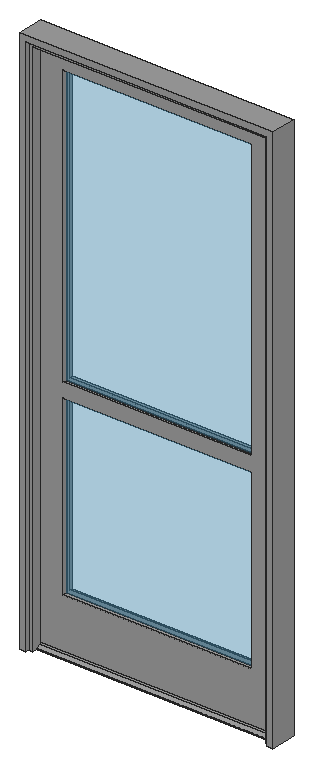
Revit family "RD-MS-DOOR-PD-1-CW_v05", category Curtain Panels, Revit 2015
Parameters
  Width [instance] = 3' - 2"
  URL = "obe.com"
  Rough Width = 3' - 8"
  Panel Width [instance] = [Min-Max Rough Width]  # 3' - 8"
  Panel Offset [instance] = 0' - 0"
  Offset [instance] = 0' - 1"
  Model = "RD-MS 1\" Infill"
  Min-Max Rough Width [instance] = if(and((Rough Width > 3' 1 255/256"), (Rough Width < 3' 8 1/256")), Rough Width, 3' 2")  # 3' - 8"
  Min-Max Panel Width [instance] = if(and((Rough Width > 3' 1 255/256"), (Rough Width < 3' 8 1/256")), Rough Width - 0' 2", 3' 0")  # 3' - 6"
  Manufacturer = "Oldcastle BuildingEnvelope®"
  Keynote = "08 11 00"
  Height [instance] = 8' - 0"
  Pushbar Height [instance] = 3' - 5 1/4"  # constant formula
  Glass Material = Glass
  Frame Material = Aluminum
  Door Panel Height [instance] = Height - 0' 0 15/32"  # 7' - 11 17/32"
  Description = "Rugged Door-Medium Stile 1\" Infill"
  Assembly Code = "B2030"
  Analytic Construction = "<None>"
  8 Muntin [instance] = no
  Mid-Panel [instance] = no
  10 Bottom Rail [instance] = not([8 Bottom Rail])  # no
  4 Muntin [instance] = no
  8 Bottom Rail [instance] = yes
  1 Muntin [instance] = if(or([4 Muntin], [8 Muntin], [Mid-Panel]), 1 = 2, 1 = 1)  # yes
Reference planes (in)
  plane 1 "Front": y = 0
  plane 2: z = 0
  plane 3 "Center (Left/Right)": x = 0
  plane 4 "Left": x = -19
  plane 5 "Right": x = 19
  plane 6 "Top": z = 96
  plane 7 "Offset": y = -1
  plane 8: y = -2.133
  plane 9: y = -2.133
  plane 10: y = -2.133
  plane 11: x = -22
  plane 12: x = 22
Forms (in)
  Sweep 1, solid, material "Aluminum" <- "Frame Material"
    path origin (0, -1, 0) x (-1, 0, 0) y (0, 0, 1)
      loop
        line (22, 0) -> (22, 96)
    profile origin (-22, -1, 48) x (1, 0, 0) y (0, 1, 0)
      loop
        line (1, -2.266) -> (1, 0) -> (0, 0) -> (0, -4.5) -> (1, -4.5) -> (1, -3.891) -> (1.75, -3.891) -> (1.75, -2.266) -> (1, -2.266)
  Sweep 2, solid, material "Aluminum" <- "Frame Material"
    path origin (0, -1, 0) x (-1, 0, 0) y (0, 0, 1)
      loop
        line (-22, 0) -> (-22, 96)
    profile origin (22, -1, 48) x (1, 0, 0) y (0, 1, 0)
      loop
        line (-1, -2.266) -> (-1.75, -2.266) -> (-1.75, -3.891) -> (-1, -3.891) -> (-1, -4.5) -> (0, -4.5) -> (0, 0) -> (-1, 0) -> (-1, -2.266)
  Extrusion 3, solid, material "Aluminum" <- "Frame Material"
    sketch origin (-19, 0, 0) x (0, -1, 0) y (0, 0, 1)
      loop
        line (3.266, 94.25) -> (4.891, 94.25) -> (4.891, 95) -> (5.5, 95) -> (5.5, 96) -> (1, 96) -> (1, 95) -> (3.266, 95) -> (3.266, 94.25)
    from -41 to 3
Cuts and joins
  joined: Sweep 1, Sweep 2, Extrusion 3
Text (in)
  text "Exterior" at (-54.29358, 31.38743, 0), in view "Ref. Level"
  text "Exterior" at (480, 41.53993, 89.60405), in view "Right"
  text "Exterior" at (-240, 57.82419, 105.78864), in view "Left"
Dimensions and locks (in)
  equal spacing: plane 4 "Left", plane 3 "Center (Left/Right)", plane 5 "Right"
  "Width": plane 4 "Left" to plane 5 "Right"
  "Height": plane 6 "Top" to plane 2
  "Offset": plane 1 "Front" to plane 7 "Offset"
  locked: plane 7 "Offset" to plane 8 at 1.133
  locked: plane 7 "Offset" to plane 9 at 1.133
  Extrusion 3 sketch curve to Extrusion 3 sketch curve to Extrusion 3 sketch curve = 0' - 0 3/4" locked, 0' - 0" locked
  nested 1 to Extrusion 3 sketch curve to Extrusion 3 sketch curve to Extrusion 3 sketch curve to Extrusion 3 sketch curve = 0' - 3.492", 0' - 2.266", 0' - 1 5/8" locked, 0' - 0.609" locked
  locked: plane 7 "Offset" to plane 10 at 1.133
  equal spacing: plane 11, plane 3 "Center (Left/Right)", plane 12
  "Min-Max Rough Width": plane 11 to plane 12
  aligned and locked: level to plane 2
  aligned and locked: plane 3 "Center (Left/Right)" to nested 1
  aligned and locked: plane 6 "Top" to Sweep 1 sketch curve
  aligned and locked: level to Sweep 1 sketch curve
  aligned and locked: plane 6 "Top" to Sweep 2 sketch curve
  aligned and locked: level to Sweep 2 sketch curve
  aligned and locked: Extrusion 3 to plane 6 "Top"
  aligned and locked: Extrusion 3 sketch curve to plane 6 "Top"
  aligned and locked: Sweep 1 sketch curve to plane 11
  aligned and locked: Sweep 2 sketch curve to plane 12
  aligned and locked: cut or joined group of Sweep 1, Sweep 2, Extrusion 3 to plane 11
  aligned and locked: plane 12 to cut or joined group of Sweep 1, Sweep 2, Extrusion 3
  aligned and locked: nested 1 to plane 8
Automatic sketch dimensions
  Sweep 1 sketch curve to profile plane = 0' - 0"
  Sweep 1 sketch curve to plane 7 "Offset" = 0' - 0"
  Sweep 1 sketch curve to profile plane = 0' - 1"  (x2)
  Sweep 1 sketch curve to Sweep 1 sketch curve = 0' - 0 3/4"
  Sweep 1 sketch curve to plane 7 "Offset" = 0' - 2.266"
  Sweep 1 sketch curve to Sweep 1 sketch curve = 0' - 1 5/8"
  Sweep 1 sketch curve to Sweep 1 sketch curve = 0' - 0.609"
  Sweep 2 sketch curve to plane 7 "Offset" = 0' - 0"
  Sweep 2 sketch curve to profile plane = 0' - 0"
  profile plane to Sweep 2 sketch curve = 0' - 1"  (x2)
  Sweep 2 sketch curve to Sweep 2 sketch curve = 0' - 0 3/4"
  Sweep 2 sketch curve to plane 7 "Offset" = 0' - 2.266"
  Sweep 2 sketch curve to Sweep 2 sketch curve = 0' - 1 5/8"
  Sweep 2 sketch curve to Sweep 2 sketch curve = 0' - 0.609"
  plane 6 "Top" to Extrusion 3 sketch curve = 0' - 1"
Nested families (in)
  nested 1: "RD-MS-DOOR-PD-1-Panel_v04" at (0, -11.508, 0), Frame Material <- "Frame Material", Glass Material <- "Glass Material", 4 Muntin <- "4 Muntin", 8 Muntin <- "8 Muntin", Height <- "Door Panel Height", Width <- "Min-Max Panel Width", Mid-Panel <- "Mid-Panel", 8 Bottom Rail <- "8 Bottom Rail", type "RD-MS-DOOR-PD-1-Panel"
    with built-in parameter 1001301 3' - 6", Pushbar Height 3' - 5 1/4", Offset 0' - 3 1/2", Mid-Panel no, built-in parameter 1001300 7' - 11 17/32", Glass at Muntin 0' - 1 9/16", Glass Material Glass, Frame Material Aluminum, Bottom Rail 0' - 8 29/32", 8 Muntin no, 8 Bottom Rail yes, 4 Muntin no, 10 Bottom Rail no, 1 Muntin yes
Definition of nested family "RD-MS-DOOR-PD-1-Panel_v04"
  Parameters (values of type "RD-MS-DOOR-PD-1-Panel")
    Width [instance] = 3' - 6"
    Pushbar Height [instance] = 3' - 5 1/4"  # constant formula
    Offset [instance] = 0' - 6"
    Mid-Panel [instance] = no
    Height [instance] = 8' - 0"
    Glass at Muntin [instance] = if([8 Muntin], 0' 8 9/16", if([4 Muntin], 0' 4 9/16", if([Mid-Panel], 0' 8 9/16", 0' 1 9/16")))  # 0' - 1 9/16"
    Glass Material [instance] = none
    Frame Material [instance] = none
    Bottom Rail [instance] = if([10 Bottom Rail], 0' 10 29/32", 0' 8 29/32")  # 0' - 8 29/32"
    Analytic Construction = "<None>"
    8 Muntin [instance] = no
    8 Bottom Rail [instance] = yes
    4 Muntin [instance] = no
    10 Bottom Rail [instance] = not([8 Bottom Rail])  # no
    1 Muntin [instance] = if(or([4 Muntin], [8 Muntin], [Mid-Panel]), 1 = 2, 1 = 1)  # yes
  Reference planes (in)
    plane 1 "00": y = 6.875
    plane 2: z = 0
    plane 3 "Center (Left/Right)": x = 0
    plane 4: z = 96
    plane 5: x = 21
    plane 6: x = -21
    plane 7 "Center (Front/Back)": y = 14
    plane 8 "Exterior": y = 7.375
    plane 9: z = 48
    plane 10: z = 92.96875
    plane 11: z = 92
    plane 12: z = 8.90625
    plane 13: z = 40.46875
    plane 14: z = 42.03125
    plane 15 "Offset": y = 8
    plane 16: z = 41.25
  Forms (in)
    Sweep 1, solid, material <- "Frame Material"
      path origin (0, 6.875, 0) x (1, 0, 0) y (0, 0, 1)
        loop
          line (-20.78063, 96) -> (20.78035, 96)
      profile origin (-0.00014, 6.875, 96) x (0, 0, 1) y (0, -1, 0)
        loop
          line (-0.53125, -1.008) -> (-0.53125, 1.008) -> (-2.74593, 1.008) -> (-4.40625, 1.008) -> (-4.40625, 0.5) -> (-4, 0.5) -> (-4, -0.5) -> (-4.40625, -0.5) -> (-4.40625, -1.008) -> (-2.74593, -1.008) -> (-0.53125, -1.008)
    Sweep 2, solid, material <- "Frame Material"
      path origin (0, 6.875, 0) x (1, 0, 0) y (0, 0, 1)
        loop
          line (20.78035, 0) -> (-20.78063, 0)
      profile origin (-0.00014, 6.875, 0) x (0, 0, -1) y (0, -1, 0)
        loop
          line (-9.4375, -0.5) -> (-9.4375, -1.008) -> (-0.6875, -1.008) -> (-0.6875, 1.008) -> (-9.4375, 1.008) -> (-9.4375, 0.5) -> (-8.90625, 0.5) -> (-8.90625, -0.5) -> (-9.4375, -0.5)
        loop
          line (-0.5, 1.398) -> (-0.5, -1.288) -> (-0.19364, -1.945) -> (-0.00001, -1.945) -> (-0.00001, 2.055) -> (-0.19364, 2.055) -> (-0.5, 1.398)
    Sweep 3, solid, material <- "Frame Material"
      path origin (0, 6.875, 0) x (1, 0, 0) y (0, 0, 1)
        loop
          line (21, 95.46875) -> (21, 0.6875)
      profile origin (21, 6.875, 48.07813) x (0, -1, 0) y (1, 0, 0)
        loop
          line (-1.008, -0.09408) -> (-1.008, -2.31889) -> (-1.008, -4.59375) -> (-0.5, -4.59375) -> (-0.5, -4.12475) -> (0.5, -4.12475) -> (0.5, -4.59375) -> (1.008, -4.59375) -> (1.008, -2.31889) -> (1.008, -0.21965) -> (-1.008, -0.09408)
    Sweep 4, solid, material <- "Frame Material"
      path origin (0, 6.875, 0) x (1, 0, 0) y (0, 0, 1)
        loop
          line (-21, 95.46875) -> (-21, 0.6875)
      profile origin (-21, 6.875, 48.07813) x (0, -1, 0) y (1, 0, 0)
        loop
          line (-1.008, 0.09381) -> (1.008, 0.21937) -> (1.008, 2.21947) -> (1.008, 4.59375) -> (0.5, 4.59375) -> (0.5, 4.12475) -> (-0.5, 4.12475) -> (-0.5, 4.59375) -> (-1.008, 4.59375) -> (-1.008, 2.21947) -> (-1.008, 0.09381)
    Sweep 5, solid, material <- "Frame Material"
      path origin (0, 6.875, 0) x (1, 0, 0) y (0, 0, 1)
        loop
          line (20.78035, 48) -> (-20.78063, 48)
      profile origin (-0.00014, 6.875, 48) x (0, 0, -1) y (0, -1, 0)
        loop
          line (7.93775, 1.008) -> (5.43775, 1.008) -> (5.43775, 0.5) -> (5.96875, 0.5) -> (5.96875, -0.5) -> (5.43775, -0.5) -> (5.43775, -1.008) -> (7.93775, -1.008) -> (7.93775, -0.5) -> (7.53125, -0.5) -> (7.53125, 0.5) -> (7.93775, 0.5) -> (7.93775, 1.008)
    Extrusion 6, solid, material <- "Glass Material", detail levels coarse
      sketch origin (0, 0, 0) x (1, 0, 0) y (0, 1, 0)
        loop
          line (-16.87525, 7.375) -> (-16.87525, 6.375) -> (16.87525, 6.375) -> (16.87525, 7.375) -> (-16.87525, 7.375)
      from 42.03125 to 92
    Extrusion 7, solid, material <- "Glass Material", detail levels medium+fine
      sketch origin (0, 0, 0) x (1, 0, 0) y (0, 1, 0)
        loop
          line (-16.87525, 6.375) -> (16.87525, 6.375) -> (16.87525, 6.623) -> (-16.87525, 6.623) -> (-16.87525, 6.375)
        loop
          line (16.87525, 7.375) -> (-16.87525, 7.375) -> (-16.87525, 7.127) -> (16.87525, 7.127) -> (16.87525, 7.375)
      from 42.03125 to 92
    Extrusion 8, solid, material <- "Glass Material", detail levels coarse
      sketch origin (0, 0, 0) x (1, 0, 0) y (0, 1, 0)
        loop
          line (-16.87525, 7.375) -> (-16.87525, 6.375) -> (16.87525, 6.375) -> (16.87525, 7.375) -> (-16.87525, 7.375)
      from 8.90625 to 40.46875
    Extrusion 9, solid, material <- "Glass Material", detail levels medium+fine
      sketch origin (0, 0, 0) x (1, 0, 0) y (0, 1, 0)
        loop
          line (-16.87525, 7.375) -> (-16.87525, 7.127) -> (16.87525, 7.127) -> (16.87525, 7.375) -> (-16.87525, 7.375)
        loop
          line (-16.87525, 6.623) -> (-16.87525, 6.375) -> (16.87525, 6.375) -> (16.87525, 6.623) -> (-16.87525, 6.623)
      from 8.90625 to 40.46875
  Cuts and joins
    joined: Sweep 1, Sweep 2, Sweep 3, Sweep 4, Sweep 5
  Lines and regions (in)
    model lines
      curve 1: line (16.41104, 7.375, 91.71875) -> (-16.87525, 7.375, 48)
      curve 2: line (-16.87525, 7.375, 48) -> (16.40625, 7.375, 9.1875)
  Dimensions and locks (in)
    "Width": plane 6 to plane 5
    "Offset": plane 15 "Offset" to plane 7 "Center (Front/Back)"
    plane 1 "00" to plane 8 "Exterior" to plane 15 "Offset" = 0' - 0 1/2" locked, 0' - 0 5/8" locked
    equal spacing: level, plane 9, plane 4
    locked: Sweep 2 sketch curve to plane 6 at 0.21937
    locked: plane 5 to Sweep 2 sketch curve at 0.21965
    locked: Sweep 3 sketch curve to plane 4 at 0.53125
    locked: Sweep 4 sketch curve to plane 4 at 0.53125
    locked: Sweep 1 sketch curve to plane 6 at 0.21937
    locked: plane 5 to Sweep 1 sketch curve at 0.21965
    locked: plane 5 to Sweep 5 sketch curve at 0.21965
    locked: Sweep 5 sketch curve to plane 6 at 0.21937
    locked: plane 4 to plane 10 at 3.03125
    Extrusion 7 sketch curve to Extrusion 7 sketch curve to Extrusion 7 sketch curve to Extrusion 7 sketch curve = 0' - 0.248" locked, 0' - 0.504" locked, 0' - 0.248" locked
    Extrusion 6 sketch curve to plane 1 "00" to Extrusion 6 sketch curve = 0' - 0 1/2" locked, 0' - 0 1/2" locked
    Extrusion 8 sketch curve to plane 1 "00" to Extrusion 8 sketch curve = 0' - 0 1/2" locked, 0' - 0 1/2" locked
    Extrusion 9 sketch curve to Extrusion 9 sketch curve to plane 1 "00" to Extrusion 9 sketch curve to Extrusion 9 sketch curve = 0' - 0.248" locked, 0' - 0.252" locked, 0' - 0.252" locked, 0' - 0.248" locked
    "Glass at Muntin": plane 13 to plane 14
    locked: plane 11 to plane 4 at 4
    "Bottom Rail": plane 12 to plane 2
    "Height": plane 4 to plane 2
    locked: Sweep 1 sketch curve to plane 11 at 0.40625  (x2)
    locked: plane 14 to Sweep 5 sketch curve at 0.531  (x2)
    locked: Sweep 5 sketch curve to plane 13 at 0.4065  (x2)
    locked: plane 12 to Sweep 2 sketch curve at 0.53125  (x2)
    equal spacing: plane 6, plane 3 "Center (Left/Right)", plane 5
    locked: Extrusion 9 sketch curve to plane 5 at 4.12475  (x2)
    locked: plane 6 to Extrusion 9 sketch curve at 4.12475  (x2)
    locked: Extrusion 8 sketch curve to plane 5 at 4.12475
    locked: plane 6 to Extrusion 8 sketch curve at 4.12475
    locked: Extrusion 7 sketch curve to plane 5 at 4.12475  (x2)
    locked: plane 6 to Extrusion 7 sketch curve at 4.12475  (x2)
    locked: Extrusion 6 sketch curve to plane 5 at 4.12475
    locked: plane 6 to Extrusion 6 sketch curve at 4.12475
    equal spacing: plane 13, plane 16, plane 14
    "Pushbar Height": plane 2 to plane 16
    locked: plane 2 to Sweep 3 sketch curve at 0.6875
    locked: plane 2 to Sweep 4 sketch curve at 0.6875
    aligned and locked: plane 2 to level
    aligned and locked: Sweep 1 sketch curve to plane 4
    aligned and locked: Sweep 2 sketch curve to level
    aligned and locked: plane 5 to Sweep 3 sketch curve
    aligned and locked: plane 6 to Sweep 4 sketch curve
    aligned and locked: Sweep 5 sketch curve to plane 9
    aligned and locked: Extrusion 7 to plane 11
    aligned and locked: Extrusion 6 to plane 11
    aligned and locked: plane 14 to Extrusion 7
    aligned and locked: plane 14 to Extrusion 6
    aligned and locked: Extrusion 8 to plane 13
    aligned and locked: Extrusion 9 to plane 13
    aligned and locked: plane 12 to Extrusion 9
    aligned and locked: plane 12 to Extrusion 8
    aligned and locked: cut or joined group of Sweep 1, Sweep 2, Sweep 3, Sweep 4, Sweep 5 to curve 2
    aligned and locked: plane 12 to Sweep 2 sketch curve
    aligned and locked: Sweep 5 sketch curve to plane 13
    aligned and locked: plane 14 to Sweep 5 sketch curve
    aligned and locked: plane 9 to curve 1
  Automatic sketch dimensions
    Sweep 1 sketch curve to Sweep 1 sketch curve = 0' - 0 13/32"
    Sweep 1 sketch curve to Sweep 1 sketch curve = 0' - 1.25407"  (x2)
    profile plane to Sweep 1 sketch curve = 0' - 0 17/32"
    Sweep 1 sketch curve to plane 1 "00" = 0' - 1.008"
    Sweep 1 sketch curve to plane 1 "00" = 0' - 0 1/2"
    plane 1 "00" to Sweep 1 sketch curve = 0' - 0 1/2"
    Sweep 1 sketch curve to Sweep 1 sketch curve = 0' - 0.508"
    Sweep 5 sketch curve to plane 1 "00" = 0' - 1.008"
    Sweep 5 sketch curve to plane 1 "00" = 0' - 0 1/2"  (x2)
    plane 1 "00" to Sweep 5 sketch curve = 0' - 0 1/2"  (x2)
    Sweep 5 sketch curve to Sweep 5 sketch curve = 0' - 0.508"
    profile plane to Sweep 2 sketch curve = 0' - 0 1/2"
    profile plane to Sweep 2 sketch curve = 0' - 0.19364"  (x2)
    profile plane to Sweep 2 sketch curve = 0' - 0"
    Sweep 2 sketch curve to plane 1 "00" = 0' - 1.945"
    Sweep 2 sketch curve to Sweep 2 sketch curve = 0' - 0.657"  (x2)
    Sweep 2 sketch curve to plane 1 "00" = 0' - 0 1/2"
    plane 1 "00" to Sweep 2 sketch curve = 0' - 0 1/2"
    Sweep 2 sketch curve to Sweep 2 sketch curve = 0' - 0.508"  (x2)
    Sweep 2 sketch curve to Sweep 2 sketch curve = 0' - 0.39"
    Sweep 4 sketch curve to plane 1 "00" = 0' - 1.008"
    Sweep 4 sketch curve to plane 1 "00" = 0' - 0 1/2"
    plane 1 "00" to Sweep 4 sketch curve = 0' - 0 1/2"
    plane 1 "00" to Sweep 4 sketch curve = 0' - 1.008"
    Sweep 4 sketch curve to profile plane = 0' - 0.09381"
    Sweep 4 sketch curve to profile plane = 0' - 0.21937"
    Sweep 4 sketch curve to Sweep 4 sketch curve = 0' - 2.12567"
    Sweep 4 sketch curve to Sweep 4 sketch curve = 0' - 2.0001"
    Sweep 4 sketch curve to Sweep 4 sketch curve = 0' - 1.90528"
    Sweep 4 sketch curve to Sweep 4 sketch curve = 0' - 0.469"  (x2)
    plane 6 to curve 2 = 0' - 4.12475"
    plane 11 to curve 1 = 0' - 0 9/32"
    curve 1 to plane 5 = 0' - 4.58896"
    curve 2 to plane 12 = 0' - 0 9/32"
    plane 8 "Exterior" to Extrusion 7 sketch curve = 0' - 0"
    Sweep 2 sketch curve to Sweep 2 sketch curve = 0' - 0 3/16"
    Sweep 3 sketch curve to plane 1 "00" = 0' - 1.008"
    Sweep 3 sketch curve to plane 1 "00" = 0' - 0 1/2"
    plane 1 "00" to Sweep 3 sketch curve = 0' - 0 1/2"
    Sweep 3 sketch curve to Sweep 3 sketch curve = 0' - 0.508"
    profile plane to Sweep 3 sketch curve = 0' - 4 19/32"
    Sweep 3 sketch curve to Sweep 3 sketch curve = 0' - 0"
    Sweep 3 sketch curve to Sweep 3 sketch curve = 0' - 0.469"
    Sweep 3 sketch curve to Sweep 3 sketch curve = 0' - 1.80586"  (x2)
    profile plane to Sweep 3 sketch curve = 0' - 0.09408"
    profile plane to Sweep 3 sketch curve = 0' - 0.21965"
